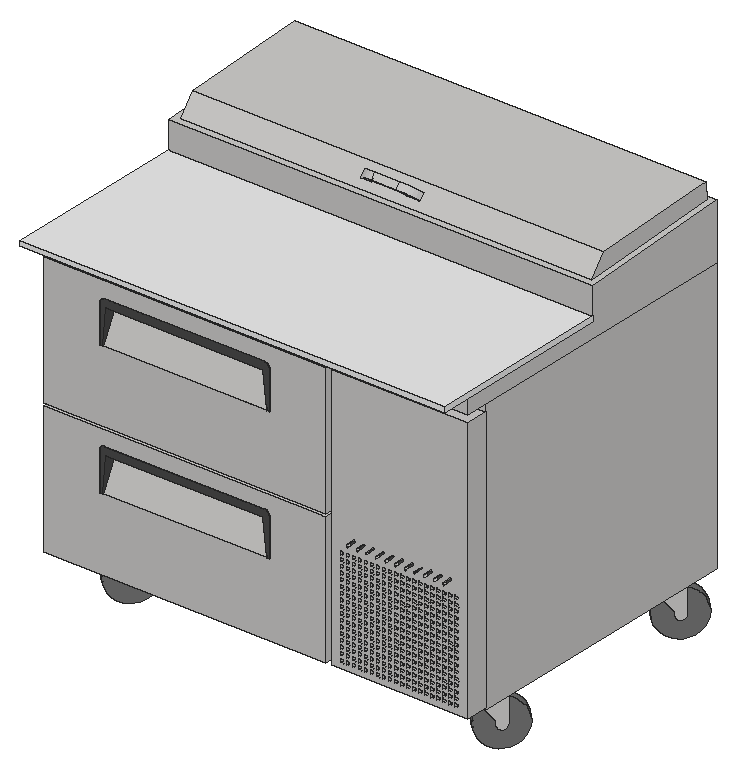
Revit family "QF_Turbo Air_TPR-44SD-D2", category Specialty Equipment, Revit 2012 (continued)
Lines and regions (in)
  symbolic lines
    curve 22: spline (3.21156, -14.60568, 0) -> (3.20728, -14.65462, 0) -> (3.19452, -14.70272, 0) -> (3.1735, -14.74916, 0) -> (3.14457, -14.79314, 0) -> (3.10824, -14.83392, 0) -> (3.06511, -14.87079, 0) -> (3.01594, -14.90313, 0) -> (2.96156, -14.93037, 0) -> (2.9029, -14.95206, 0) -> (2.84097, -14.96783, 0) -> (2.77682, -14.97739, 0) -> (2.71156, -14.9806, 0)
    curve 23: spline (2.46156, -15.16806, 0) -> (2.65246, -15.16066, 0) -> (2.84133, -15.13852, 0) -> (3.02614, -15.10189, 0) -> (3.20492, -15.05115, 0) -> (3.37577, -14.98685, 0) -> (3.53685, -14.90967, 0) -> (3.68645, -14.82044, 0) -> (3.82298, -14.72012, 0) -> (3.94497, -14.60976, 0) -> (4.05112, -14.49055, 0) -> (4.1403, -14.36377, 0) -> (4.21156, -14.23076, 0)
    curve 24: spline (4.21156, -14.72698, 0) -> (4.1403, -14.85999, 0) -> (4.05112, -14.98677, 0) -> (3.94497, -15.10598, 0) -> (3.82298, -15.21633, 0) -> (3.68645, -15.31666, 0) -> (3.53685, -15.40589, 0) -> (3.37577, -15.48306, 0) -> (3.20492, -15.54736, 0) -> (3.02614, -15.5981, 0) -> (2.84133, -15.63473, 0) -> (2.65246, -15.65687, 0) -> (2.46156, -15.66428, 0)
    curve 25: line (-1.31279, -15.28268, 0) -> (-20.10094, -15.28268, 0)
    curve 26: line (-15.28844, 1, 0) -> (-14.03844, 1, 0)
    curve 27: line (16.46156, 1, 0) -> (17.71156, 1, 0)
    curve 28: line (17.71156, 1, 0) -> (17.71156, 0, 0)
    curve 29: line (16.46156, 1, 0) -> (16.46156, 0, 0)
    curve 30: line (-14.03844, 1, 0) -> (-14.03844, 0, 0)
    curve 31: line (-15.28844, 1, 0) -> (-15.28844, 0, 0)
  symbolic lines, style "QF_Surface Details"
    curve 32: line (-18.78844, -14.5625, 0) -> (-13.03844, -14.5625, 0)
    curve 33: line (-12.47594, -14, 0) -> (-12.47594, -2.375, 0)
    curve 34: line (-13.03844, -1.8125, 0) -> (-18.78844, -1.8125, 0)
    curve 35: line (-19.35094, -14, 0) -> (-19.35094, -2.375, 0)
    curve 36: arc (-13.03844, -1.8125, 0) -> (-12.64069, -1.97725, 0) -> (-12.47594, -2.375, 0) r 0.5625
    curve 37: arc (-18.78844, -1.8125, 0) -> (-19.18619, -1.97725, 0) -> (-19.35094, -2.375, 0) r 0.5625
    curve 38: arc (-19.35094, -14, 0) -> (-19.18619, -14.39775, 0) -> (-18.78844, -14.5625, 0) r 0.5625
    curve 39: arc (-12.47594, -14, 0) -> (-12.64069, -14.39775, 0) -> (-13.03844, -14.5625, 0) r 0.5625
    curve 40: line (-13.03844, -12.625, 0) -> (-13.03844, -3.75, 0)
    curve 41: line (-14.41344, -2.375, 0) -> (-17.41344, -2.375, 0)
    curve 42: line (-17.41344, -14, 0) -> (-14.41344, -14, 0)
    curve 43: line (-18.78844, -12.625, 0) -> (-18.78844, -3.75, 0)
    curve 44: arc (-17.41344, -2.375, 0) -> (-18.38571, -2.77773, 0) -> (-18.78844, -3.75, 0) r 1.375
    curve 45: arc (-14.41344, -2.375, 0) -> (-13.44117, -2.77773, 0) -> (-13.03844, -3.75, 0) r 1.375
    curve 46: arc (-13.03844, -12.625, 0) -> (-13.44117, -13.59727, 0) -> (-14.41344, -14, 0) r 1.375
    curve 47: arc (-17.41344, -14, 0) -> (-18.38571, -13.59727, 0) -> (-18.78844, -12.625, 0) r 1.375
    curve 48: line (-11.91344, -14.5625, 0) -> (-6.16344, -14.5625, 0)
    curve 49: line (-5.60094, -14, 0) -> (-5.60094, -2.375, 0)
    curve 50: line (-6.16344, -1.8125, 0) -> (-11.91344, -1.8125, 0)
    curve 51: arc (-6.16344, -1.8125, 0) -> (-5.76569, -1.97725, 0) -> (-5.60094, -2.375, 0) r 0.5625
    curve 52: arc (-11.91344, -1.8125, 0) -> (-12.31119, -1.97725, 0) -> (-12.47594, -2.375, 0) r 0.5625
    curve 53: arc (-5.60094, -14, 0) -> (-5.76569, -14.39775, 0) -> (-6.16344, -14.5625, 0) r 0.5625
    curve 54: line (-6.16344, -12.625, 0) -> (-6.16344, -3.75, 0)
    curve 55: line (-7.53844, -2.375, 0) -> (-10.53844, -2.375, 0)
    curve 56: line (-10.53844, -14, 0) -> (-7.53844, -14, 0)
    curve 57: line (-11.91344, -12.625, 0) -> (-11.91344, -3.75, 0)
    curve 58: arc (-10.53844, -2.375, 0) -> (-11.51071, -2.77773, 0) -> (-11.91344, -3.75, 0) r 1.375
    curve 59: arc (-7.53844, -2.375, 0) -> (-6.56617, -2.77773, 0) -> (-6.16344, -3.75, 0) r 1.375
    curve 60: arc (-6.16344, -12.625, 0) -> (-6.56617, -13.59727, 0) -> (-7.53844, -14, 0) r 1.375
    curve 61: arc (-10.53844, -14, 0) -> (-11.51071, -13.59727, 0) -> (-11.91344, -12.625, 0) r 1.375
    curve 62: line (-5.03844, -14.5625, 0) -> (0.71156, -14.5625, 0)
    curve 63: line (1.27406, -14, 0) -> (1.27406, -2.375, 0)
    curve 64: line (0.71156, -1.8125, 0) -> (-5.03844, -1.8125, 0)
    curve 65: arc (0.71156, -1.8125, 0) -> (1.10931, -1.97725, 0) -> (1.27406, -2.375, 0) r 0.5625
    curve 66: arc (-5.03844, -1.8125, 0) -> (-5.43619, -1.97725, 0) -> (-5.60094, -2.375, 0) r 0.5625
    curve 67: arc (1.27406, -14, 0) -> (1.10931, -14.39775, 0) -> (0.71156, -14.5625, 0) r 0.5625
    curve 68: line (0.71156, -12.625, 0) -> (0.71156, -3.75, 0)
    curve 69: line (-0.66344, -2.375, 0) -> (-3.66344, -2.375, 0)
    curve 70: line (-3.66344, -14, 0) -> (-0.66344, -14, 0)
    curve 71: line (-5.03844, -12.625, 0) -> (-5.03844, -3.75, 0)
    curve 72: arc (-3.66344, -2.375, 0) -> (-4.63571, -2.77773, 0) -> (-5.03844, -3.75, 0) r 1.375
    curve 73: arc (-0.66344, -2.375, 0) -> (0.30883, -2.77773, 0) -> (0.71156, -3.75, 0) r 1.375
    curve 74: arc (0.71156, -12.625, 0) -> (0.30883, -13.59727, 0) -> (-0.66344, -14, 0) r 1.375
    curve 75: arc (-3.66344, -14, 0) -> (-4.63571, -13.59727, 0) -> (-5.03844, -12.625, 0) r 1.375
    curve 76: line (1.83656, -14.5625, 0) -> (7.58656, -14.5625, 0)
    curve 77: line (8.14906, -14, 0) -> (8.14906, -2.375, 0)
    curve 78: line (7.58656, -1.8125, 0) -> (1.83656, -1.8125, 0)
    curve 79: arc (7.58656, -1.8125, 0) -> (7.98431, -1.97725, 0) -> (8.14906, -2.375, 0) r 0.5625
    curve 80: arc (1.83656, -1.8125, 0) -> (1.43881, -1.97725, 0) -> (1.27406, -2.375, 0) r 0.5625
    curve 81: arc (8.14906, -14, 0) -> (7.98431, -14.39775, 0) -> (7.58656, -14.5625, 0) r 0.5625
    curve 82: line (7.58656, -12.625, 0) -> (7.58656, -3.75, 0)
    curve 83: line (6.21156, -2.375, 0) -> (3.21156, -2.375, 0)
    curve 84: line (3.21156, -14, 0) -> (6.21156, -14, 0)
    curve 85: line (1.83656, -12.625, 0) -> (1.83656, -3.75, 0)
    curve 86: arc (3.21156, -2.375, 0) -> (2.23929, -2.77773, 0) -> (1.83656, -3.75, 0) r 1.375
    curve 87: arc (6.21156, -2.375, 0) -> (7.18383, -2.77773, 0) -> (7.58656, -3.75, 0) r 1.375
    curve 88: arc (7.58656, -12.625, 0) -> (7.18383, -13.59727, 0) -> (6.21156, -14, 0) r 1.375
    curve 89: arc (3.21156, -14, 0) -> (2.23929, -13.59727, 0) -> (1.83656, -12.625, 0) r 1.375
    curve 90: line (8.71156, -14.5625, 0) -> (14.46156, -14.5625, 0)
    curve 91: line (15.02406, -14, 0) -> (15.02406, -2.375, 0)
    curve 92: line (14.46156, -1.8125, 0) -> (8.71156, -1.8125, 0)
    curve 93: arc (14.46156, -1.8125, 0) -> (14.85931, -1.97725, 0) -> (15.02406, -2.375, 0) r 0.5625
    curve 94: arc (8.71156, -1.8125, 0) -> (8.31381, -1.97725, 0) -> (8.14906, -2.375, 0) r 0.5625
    curve 95: arc (15.02406, -14, 0) -> (14.85931, -14.39775, 0) -> (14.46156, -14.5625, 0) r 0.5625
    curve 96: line (14.46156, -12.625, 0) -> (14.46156, -3.75, 0)
    curve 97: line (13.08656, -2.375, 0) -> (10.08656, -2.375, 0)
    curve 98: line (10.08656, -14, 0) -> (13.08656, -14, 0)
    curve 99: line (8.71156, -12.625, 0) -> (8.71156, -3.75, 0)
    curve 100: arc (10.08656, -2.375, 0) -> (9.11429, -2.77773, 0) -> (8.71156, -3.75, 0) r 1.375
    curve 101: arc (13.08656, -2.375, 0) -> (14.05883, -2.77773, 0) -> (14.46156, -3.75, 0) r 1.375
    curve 102: arc (14.46156, -12.625, 0) -> (14.05883, -13.59727, 0) -> (13.08656, -14, 0) r 1.375
    curve 103: arc (10.08656, -14, 0) -> (9.11429, -13.59727, 0) -> (8.71156, -12.625, 0) r 1.375
    curve 104: line (15.58656, -14.5625, 0) -> (21.33656, -14.5625, 0)
    curve 105: line (21.89906, -14, 0) -> (21.89906, -2.375, 0)
    curve 106: line (21.33656, -1.8125, 0) -> (15.58656, -1.8125, 0)
    curve 107: arc (21.33656, -1.8125, 0) -> (21.73431, -1.97725, 0) -> (21.89906, -2.375, 0) r 0.5625
    curve 108: arc (15.58656, -1.8125, 0) -> (15.18881, -1.97725, 0) -> (15.02406, -2.375, 0) r 0.5625
    curve 109: arc (21.89906, -14, 0) -> (21.73431, -14.39775, 0) -> (21.33656, -14.5625, 0) r 0.5625
    curve 110: line (21.33656, -12.625, 0) -> (21.33656, -3.75, 0)
    curve 111: line (19.96156, -2.375, 0) -> (16.96156, -2.375, 0)
    curve 112: line (16.96156, -14, 0) -> (19.96156, -14, 0)
    curve 113: line (15.58656, -12.625, 0) -> (15.58656, -3.75, 0)
    curve 114: arc (16.96156, -2.375, 0) -> (15.98929, -2.77773, 0) -> (15.58656, -3.75, 0) r 1.375
    curve 115: arc (19.96156, -2.375, 0) -> (20.93383, -2.77773, 0) -> (21.33656, -3.75, 0) r 1.375
    curve 116: arc (21.33656, -12.625, 0) -> (20.93383, -13.59727, 0) -> (19.96156, -14, 0) r 1.375
    curve 117: arc (16.96156, -14, 0) -> (15.98929, -13.59727, 0) -> (15.58656, -12.625, 0) r 1.375
    curve 118: arc (-12.47594, -14, 0) -> (-12.31119, -14.39775, 0) -> (-11.91344, -14.5625, 0) r 0.5625
    curve 119: arc (-5.60094, -14, 0) -> (-5.43619, -14.39775, 0) -> (-5.03844, -14.5625, 0) r 0.5625
    curve 120: arc (1.27406, -14, 0) -> (1.43881, -14.39775, 0) -> (1.83656, -14.5625, 0) r 0.5625
    curve 121: arc (8.14906, -14, 0) -> (8.31381, -14.39775, 0) -> (8.71156, -14.5625, 0) r 0.5625
    curve 122: arc (15.02406, -14, 0) -> (15.18881, -14.39775, 0) -> (15.58656, -14.5625, 0) r 0.5625
  symbolic lines, style "QF_Clearances", detail levels coarse
    curve 123: line (-20.78844, -35.25, 0) -> (-20.78844, -57.375, 0)
    curve 124: line (-20.78844, -57.375, 0) -> (8.52406, -57.375, 0)
    curve 125: line (8.52406, -57.375, 0) -> (8.52406, -35.25, 0)
Dimensions and locks (in)
  locked: plane 4 "RIGHT" to plane 3 "LEFT" at 44
  locked: plane 6 "FRONT" to plane 1 "BACK" at 35.25
  locked: plane 6 "FRONT" to plane 5 "Front of Door" at 3
  locked: plane 7 "Front of Pans" to plane 1 "BACK" at 16
  locked: plane 8 "Left of Compressor" to plane 4 "RIGHT" at 14.125
  locked: plane 3 "LEFT" to plane 9 "Right of Door" at 29.3125
  "CasterLeg Height": plane 10 "Bottom" to plane 2
  locked: plane 12 "Door Clearance" to plane 11 "TOP" at 11.375
  locked: plane 11 "TOP" to plane 10 "Bottom" at 36
  locked: plane 13 "Work Top" to plane 10 "Bottom" at 30
  locked: plane 13 "Work Top" to plane 14 at 1.5625
  locked: plane 14 to plane 15 "Top of Door" at 0.75
  locked: plane 16 "Bottom of Door" to plane 10 "Bottom" at 0.25
  locked: plane 1 "BACK" to plane 17 "Back Stops" at 1
  locked: plane 5 "Front of Door" to plane 18 "Front of Box" at 2.375
  locked: Extrusion 2 sketch curve to plane 13 "Work Top" at 3.3125
  locked: Extrusion 2 sketch curve to plane 14 at 5.875
  locked: plane 3 "LEFT" to plane 19 "Lid Left" at 0.6875
  locked: plane 20 "Lid Right" to plane 4 "RIGHT" at 0.6875
  locked: plane 11 "TOP" to Extrusion 3 sketch curve at 1.71479
  locked: plane 11 "TOP" to Extrusion 3 sketch curve at 0.8207
  locked: plane 11 "TOP" to Extrusion 3 sketch curve at 2.64267
  locked: plane 7 "Front of Pans" to Extrusion 3 sketch curve at 0.71732
  locked: plane 7 "Front of Pans" to Extrusion 3 sketch curve at 2.32494
  locked: Extrusion 3 sketch curve to plane 1 "BACK" at 0.43665
  locked: Extrusion 3 sketch curve to plane 1 "BACK" at 0.54382
  equal spacing: plane 19 "Lid Left", plane 21 "Handle Center LR", plane 20 "Lid Right"
  locked: plane 11 "TOP" to plane 22 "Handle Elevation" at 1.73169
  locked: plane 23 "Handle Center FB" to plane 1 "BACK" at 14.47887
  locked: plane 21 "Handle Center LR" to Extrusion 4 sketch curve at 2
  locked: Extrusion 4 sketch curve to plane 21 "Handle Center LR" at 2
  locked: plane 21 "Handle Center LR" to Extrusion 4 sketch curve at 3
  locked: Extrusion 4 sketch curve to plane 21 "Handle Center LR" at 3
  locked: plane 21 "Handle Center LR" to Extrusion 4 sketch curve at 1.5
  locked: plane 21 "Handle Center LR" to Extrusion 4 sketch curve at 1.25
  locked: Extrusion 4 sketch curve to plane 21 "Handle Center LR" at 1.5
  locked: Extrusion 4 sketch curve to plane 21 "Handle Center LR" at 1.25
  locked: plane 11 "TOP" to Extrusion 4 at 0.62347
  locked: plane 11 "TOP" to Extrusion 4 at 1.18585
  locked: plane 15 "Top of Door" to Extrusion 5 sketch curve at 1
  locked: Extrusion 5 sketch curve to plane 3 "LEFT" at 1
  locked: Extrusion 5 sketch curve to plane 9 "Right of Door" at 1
  locked: Extrusion 5 sketch curve to plane 16 "Bottom of Door" at 1
  locked: Extrusion 7 sketch curve to plane 8 "Left of Compressor" at 0.5
  locked: Extrusion 7 sketch curve to plane 4 "RIGHT" at 0.5
  locked: Extrusion 7 sketch curve to plane 16 "Bottom of Door" at 0.5
  locked: Extrusion 7 sketch curve to Extrusion 7 sketch curve at 12.5
  locked: Extrusion 8 sketch curve to plane 13 "Work Top" at 0.5
  locked: plane 3 "LEFT" to nested 1 at 2.8125
  locked: nested 1 to plane 1 "BACK" at 3.1875
  locked: plane 3 "LEFT" to nested 2 at 2.8125
  locked: plane 18 "Front of Box" to nested 2 at 3.5
  locked: nested 3 to plane 4 "RIGHT" at 2.8125
  locked: nested 3 to plane 1 "BACK" at 3.1875
  locked: nested 4 to plane 4 "RIGHT" at 2.8125
  locked: plane 18 "Front of Box" to nested 4 at 3.5
  locked: Extrusion 9 sketch curve to plane 3 "LEFT" at 6.125
  locked: plane 4 "RIGHT" to Extrusion 9 sketch curve at 6.125
  locked: plane 14 to Extrusion 9 sketch curve at 4.8125  (x2)
  locked: Extrusion 10 sketch curve to plane 10 "Bottom" at 6.125
  locked: plane 4 "RIGHT" to Extrusion 10 sketch curve at 7.0625
  locked: plane 12 "Door Clearance" to Extrusion 12 at 0.14061
  locked: plane 12 "Door Clearance" to Extrusion 12 at 0.03074
  locked: plane 24 "Drawer Clearance" to plane 1 "BACK" at 57.375
  aligned and locked: level to plane 2
  aligned and locked: plane 10 "Bottom" to Extrusion 1 sketch curve
  aligned and locked: plane 1 "BACK" to Extrusion 1 sketch curve
  aligned and locked: Extrusion 1 sketch curve to plane 14
  aligned and locked: Extrusion 1 sketch curve to plane 18 "Front of Box"
  aligned and locked: plane 4 "RIGHT" to Extrusion 1
  aligned and locked: Extrusion 2 sketch curve to plane 5 "Front of Door"
  aligned and locked: Extrusion 2 sketch curve to plane 13 "Work Top"
  aligned and locked: Extrusion 2 sketch curve to plane 7 "Front of Pans"
  aligned and locked: plane 14 to Extrusion 2 sketch curve
  aligned and locked: Extrusion 2 sketch curve to plane 1 "BACK"
  aligned and locked: plane 4 "RIGHT" to Extrusion 2
  aligned and locked: plane 11 "TOP" to Extrusion 3 sketch curve
  aligned and locked: plane 20 "Lid Right" to Extrusion 3
  aligned and locked: Extrusion 4 to Extrusion 3
  aligned and locked: Extrusion 6 sketch curve to plane 4 "RIGHT"
  aligned and locked: plane 16 "Bottom of Door" to Extrusion 6 sketch curve
  aligned and locked: plane 8 "Left of Compressor" to Extrusion 6 sketch curve
  aligned and locked: Extrusion 6 sketch curve to plane 15 "Top of Door"
  aligned and locked: plane 5 "Front of Door" to Extrusion 6
  aligned and locked: plane 13 "Work Top" to Extrusion 8 sketch curve
  aligned and locked: plane 7 "Front of Pans" to Extrusion 8 sketch curve
  aligned and locked: Extrusion 8 sketch curve to plane 6 "FRONT"
  aligned and locked: plane 4 "RIGHT" to Extrusion 8
  aligned and locked: Extrusion 9 to plane 17 "Back Stops"
  aligned and locked: plane 1 "BACK" to curve 1
  aligned and locked: plane 3 "LEFT" to curve 2
  aligned and locked: curve 3 to plane 6 "FRONT"
  aligned and locked: curve 4 to plane 4 "RIGHT"
  aligned and locked: curve 6 to Extrusion 3
  aligned and locked: curve 7 to Extrusion 3
  aligned and locked: curve 8 to Extrusion 3
  aligned and locked: curve 9 to Extrusion 3
  aligned and locked: curve 10 to Extrusion 4
  aligned and locked: curve 11 to Extrusion 4
  aligned and locked: curve 14 to Extrusion 4
  aligned and locked: curve 15 to Extrusion 4
  aligned and locked: Extrusion 4 to curve 16
  aligned and locked: curve 17 to Extrusion 4
  aligned and locked: curve 19 to Extrusion 4
  aligned and locked: curve 20 to Extrusion 4
  aligned and locked: curve 21 to Extrusion 4
  aligned and locked: curve 26 to Extrusion 9
  aligned and locked: curve 27 to Extrusion 9
  aligned and locked: Extrusion 12 to Extrusion 11  (x2)
  aligned and locked: Extrusion 11 sketch curve to Extrusion 3  (x3)
  aligned and locked: plane 20 "Lid Right" to Extrusion 11
  aligned and locked: plane 15 "Top of Door" to nested 5
  aligned and locked: plane 9 "Right of Door" to nested 5
  aligned and locked: plane 3 "LEFT" to nested 5
  aligned and locked: nested 5 to plane 16 "Bottom of Door"
  aligned and locked: plane 24 "Drawer Clearance" to curve 124
Automatic sketch dimensions
  Extrusion 4 sketch curve to Extrusion 4 sketch curve = 0' - 0"
  Extrusion 4 sketch curve to Extrusion 4 sketch curve = 0' - 0.6"
  Extrusion 4 sketch curve to Extrusion 4 sketch curve = 0' - 0 1/2"
  plane 8 "Left of Compressor" to Extrusion 6 sketch curve = 0' - 0 15/16"  (x4)
  Extrusion 6 sketch curve to Extrusion 6 sketch curve = 0' - 0"  (x255)
  Extrusion 6 sketch curve to Extrusion 6 sketch curve = 0' - 0 3/8"  (x471)
  Extrusion 6 sketch curve to Extrusion 6 sketch curve = 0' - 0 1/4"  (x604)
  Extrusion 6 sketch curve to Extrusion 6 sketch curve = 0' - 0.05806"
  Extrusion 6 sketch curve to Extrusion 6 sketch curve = 0' - 0.08839"  (x66)
  Extrusion 6 sketch curve to Extrusion 6 sketch curve = 0' - 0.70711"
  Extrusion 6 sketch curve to Extrusion 6 sketch curve = 0' - 0.11612"  (x10)
  Extrusion 6 sketch curve to Extrusion 6 sketch curve = 0' - 0.82322"  (x10)
  Extrusion 6 sketch curve to plane 20 "Lid Right" = 0' - 0 1/4"  (x8)
  plane 16 "Bottom of Door" to Extrusion 6 sketch curve = 0' - 0 5/8"  (x19)
  Extrusion 6 sketch curve to Extrusion 6 sketch curve = 0' - 0.55806"  (x11)
  Extrusion 6 sketch curve to Extrusion 6 sketch curve = 0' - 0.53033"  (x10)
  Extrusion 11 sketch curve to Extrusion 11 sketch curve = 0' - 11.7419"
  Extrusion 11 sketch curve to Extrusion 11 sketch curve = 0' - 1.60762"
  Extrusion 11 sketch curve to Extrusion 11 sketch curve = 0' - 0.65246"
  Extrusion 11 sketch curve to Extrusion 11 sketch curve = 0' - 1.37584"
  Extrusion 11 sketch curve to Extrusion 11 sketch curve = 0' - 1.38934"
  Extrusion 11 sketch curve to Extrusion 11 sketch curve = 0' - 0.12067"
  Extrusion 11 sketch curve to Extrusion 11 sketch curve = 0' - 9.68784"
  Extrusion 11 sketch curve to Extrusion 11 sketch curve = 0' - 1.82196"
  Extrusion 12 sketch curve to plane 21 "Handle Center LR" = 0' - 3"
  Extrusion 12 sketch curve to Extrusion 12 sketch curve = 0' - 1"  (x2)
  Extrusion 12 sketch curve to Extrusion 12 sketch curve = 0' - 0 1/2"  (x3)
  Extrusion 12 sketch curve to Extrusion 12 sketch curve = 0' - 0 3/4"
  plane 21 "Handle Center LR" to Extrusion 12 sketch curve = 0' - 1 1/4"
  Extrusion 12 sketch curve to Extrusion 12 sketch curve = 0' - 0 1/4"
  Extrusion 12 sketch curve to Extrusion 12 sketch curve = 0' - 0"
  Extrusion 12 sketch curve to Extrusion 12 sketch curve = 0' - 0.6"
  curve 125 to plane 9 "Right of Door" = 0' - 0"
  plane 7 "Front of Pans" to curve 5 = 0' - 0"
  curve 38 to plane 23 "Handle Center FB" = 0' - 0.47887"
  plane 19 "Lid Left" to curve 38 = 0' - 0 3/4"
  curve 37 to curve 34 = 0' - 0 9/16"
  plane 23 "Handle Center FB" to curve 32 = 0' - 0.08363"
  plane 19 "Lid Left" to curve 44 = 0' - 1 5/16"
  curve 43 to curve 44 = 0' - 1 3/8"
  curve 47 to plane 23 "Handle Center FB" = 0' - 0.47887"
  curve 38 to curve 47 = 0' - 1 3/8"
  curve 44 to curve 31 = 0' - 2 1/8"
  curve 31 to curve 41 = 0' - 0 7/8"
  curve 47 to curve 42 = 0' - 3"
  curve 26 to curve 26 = 0' - 1 1/4"
  curve 46 to curve 32 = 0' - 1 3/8"
  curve 46 to curve 46 = 0' - 1 3/8"
  curve 41 to curve 36 = 0' - 1 3/8"
  curve 33 to plane 23 "Handle Center FB" = 0' - 0.47887"
  curve 40 to curve 57 = 0' - 1 1/8"
  plane 23 "Handle Center FB" to curve 48 = 0' - 0.08363"
  curve 33 to curve 50 = 0' - 0 9/16"
  curve 61 to curve 61 = 0' - 1 3/8"
  curve 52 to curve 58 = 0' - 1 3/8"
  curve 58 to curve 59 = 0' - 3"
  curve 60 to plane 23 "Handle Center FB" = 0' - 1.85387"
  curve 61 to curve 60 = 0' - 3"
  curve 60 to curve 54 = 0' - 1 3/8"
  curve 55 to curve 50 = 0' - 1 3/8"
  curve 53 to plane 23 "Handle Center FB" = 0' - 0.47887"
  curve 56 to curve 53 = 0' - 1 3/8"
  curve 49 to curve 66 = 0' - 0 9/16"
  plane 23 "Handle Center FB" to curve 62 = 0' - 0.08363"
  curve 59 to curve 71 = 0' - 1 1/8"
  curve 66 to curve 69 = 0' - 1 3/8"
  curve 70 to plane 23 "Handle Center FB" = 0' - 0.47887"
  curve 119 to curve 70 = 0' - 1 3/8"
  curve 12 to curve 25 = 0' - 0.47565"
  curve 14 to curve 74 = 0' - 0 1/8"
  curve 69 to plane 21 "Handle Center LR" = 0' - 1 7/8"
  curve 18 to curve 18 = 0' - 0 1/2"
  curve 18 to curve 11 = 0' - 0 1/4"
  curve 10 to curve 11 = 0' - 0"
  curve 74 to plane 21 "Handle Center LR" = 0' - 0 1/2"
  curve 62 to plane 21 "Handle Center LR" = 0' - 0 1/2"
  curve 64 to plane 21 "Handle Center LR" = 0' - 0 1/2"
  plane 21 "Handle Center LR" to curve 67 = 0' - 0 1/16"
  curve 63 to curve 13 = 0' - 0.5375"
  curve 12 to plane 23 "Handle Center FB" = 0' - 0.20179"
  curve 12 to curve 13 = 0' - 0"
  curve 63 to curve 80 = 0' - 0 9/16"
  plane 21 "Handle Center LR" to curve 86 = 0' - 0 5/8"
  plane 23 "Handle Center FB" to curve 120 = 0' - 0.08363"
  curve 76 to curve 11 = 0' - 0 5/8"
  curve 10 to curve 23 = 0' - 0"
  plane 23 "Handle Center FB" to curve 22 = 0' - 0.12681"
  curve 24 to curve 22 = 0' - 0 1/4"
  curve 80 to curve 83 = 0' - 1 3/8"
  curve 84 to curve 19 = 0' - 0"
  curve 8 to curve 20 = 0' - 0.47565"
  curve 19 to curve 23 = 0' - 0.1"
  curve 23 to curve 24 = 0' - 0.1"
  curve 84 to plane 23 "Handle Center FB" = 0' - 0.47887"
  curve 23 to curve 84 = 0' - 1.9"
  curve 87 to plane 9 "Right of Door" = 0' - 2 5/16"
  curve 82 to plane 9 "Right of Door" = 0' - 0 15/16"
  curve 81 to plane 9 "Right of Door" = 0' - 0 15/16"
  curve 79 to plane 9 "Right of Door" = 0' - 0 15/16"
  curve 79 to plane 9 "Right of Door" = 0' - 0 3/8"
  plane 23 "Handle Center FB" to curve 90 = 0' - 0.08363"
  plane 9 "Right of Door" to curve 92 = 0' - 0 3/16"
  plane 9 "Right of Door" to curve 103 = 0' - 0 3/16"
  plane 8 "Left of Compressor" to curve 100 = 0' - 1"
  curve 98 to plane 23 "Handle Center FB" = 0' - 0.47887"
  plane 8 "Left of Compressor" to curve 98 = 0' - 1"
  curve 100 to curve 101 = 0' - 3"
  curve 103 to curve 98 = 0' - 3"
  curve 101 to curve 96 = 0' - 1 3/8"
  curve 102 to curve 95 = 0' - 1 3/8"
  curve 97 to curve 92 = 0' - 1 3/8"
  curve 122 to plane 23 "Handle Center FB" = 0' - 0.47887"
  curve 93 to curve 106 = 0' - 0 9/16"
  curve 96 to curve 113 = 0' - 1 1/8"
  plane 23 "Handle Center FB" to curve 122 = 0' - 0.08363"
  curve 108 to curve 29 = 0' - 0 7/8"
  curve 112 to plane 23 "Handle Center FB" = 0' - 0.47887"
  curve 122 to curve 112 = 0' - 1 3/8"
  curve 108 to curve 114 = 0' - 1 3/8"
  curve 29 to curve 28 = 0' - 1 1/4"
  curve 115 to plane 20 "Lid Right" = 0' - 2 9/16"
  curve 116 to plane 20 "Lid Right" = 0' - 2 9/16"
  curve 110 to plane 20 "Lid Right" = 0' - 1 3/16"
  curve 107 to plane 20 "Lid Right" = 0' - 1 3/16"
  curve 104 to plane 20 "Lid Right" = 0' - 1 3/16"
  curve 105 to plane 23 "Handle Center FB" = 0' - 0.47887"
  plane 23 "Handle Center FB" to curve 16 = 0' - 0.12681"
  plane 1 "BACK" to curve 73 = 0' - 3 3/4"
  plane 1 "BACK" to curve 96 = 0' - 3 3/4"
  curve 96 to curve 114 = 0' - 0"
  plane 1 "BACK" to curve 40 = 0' - 3 3/4"
  curve 54 to curve 72 = 0' - 0"
  curve 82 to curve 100 = 0' - 0"
  curve 68 to curve 80 = 0' - 1 3/8"
  radius of Extrusion 9 sketch curve = 0' - 0 5/8"  (x2)
  radius of Extrusion 10 sketch curve = 0' - 0 1/4"
Nested families (in)
  nested 1: "FESCasterLeg" at (-17.97594, -3.1875, 0), Legs <- "Legs", Casters <- "Casters", Height <- "CasterLeg Height", type "FESCasterLeg"
    with Legs no, Height 0' - 5 7/8", Casters yes, Caster Radius 0' - 2 7/16"
  nested 2: "FESCasterLeg" at (-17.97594, -26.375, 0), Legs <- "Legs", Casters <- "Casters", Height <- "CasterLeg Height", type "FESCasterLeg"
    with Legs no, Height 0' - 5 7/8", Casters yes, Caster Radius 0' - 2 7/16"
  nested 3: "FESCasterLeg" at (20.39906, -3.1875, 0), Legs <- "Legs", Casters <- "Casters", Height <- "CasterLeg Height", type "FESCasterLeg"
    with Legs no, Height 0' - 5 7/8", Casters yes, Caster Radius 0' - 2 7/16"
  nested 4: "FESCasterLeg" at (20.39906, -26.375, 0), Legs <- "Legs", Casters <- "Casters", Height <- "CasterLeg Height", type "FESCasterLeg"
    with Legs no, Height 0' - 5 7/8", Casters yes, Caster Radius 0' - 2 7/16"
  nested 5: "QF_Turbo Air_TBL_Drawer" at (-5.61177, -30.4375, 6.125), type "QF_Turbo Air_TBL_Drawer"
    with Width 2' - 5 5/16", Symbolic Lines no, Height 2' - 3 7/16", Depth 0' - 1 13/16"
Connectors (in)
  electrical at (16.14906, 0.0625, 12), driven by "Number of Poles", driven by "Volts", driven by "Apparent Power"
    settings: on Extrusion 10, index 1, voltage 115 V, apparent load 724.5 VA, apparent load phase1 0 VA, apparent load phase2 0 VA, apparent load phase3 0 VA, power factor 1, load classification "Other", number of poles 1, system type 30, power factor state 1, is connector primary yes, connector utility no, sub classification motor no, connector description "Electric"
Definition of nested family "FESCasterLeg"
  Parameters (values of type "FESCasterLeg")
    Watermarked By = "http://revitwatermark.com"
    Type Comments = "⍁⍉⌁⌀⏭⎽⌇⍠⌜⍉⎖⌥⌦⌯⍭⏊⍻⍿⍊⏵⍊⏗⏠⍴⎡⌈⎀⍠⌓⌤⏘⎐⍀⌐⏬⏁⎈⏍⏦⎒⏬⌝⍩⍇⌣〈⎫〉⎁⏊⍥⍖⍥⍝⍦⌖⍀⏌⏭⎝⎼⏷⏞⍻⏯⎽⏷⏞⍻⏯⎽⏷⎺⌻⎝⍎⌧⏷⏟⏿⌿⍜⍦⍤⌁⍬⏶⏎⍊⏚⏉⎞⌡⎀⎪⏈⌟⌿⍾⍼⌟⌿⌢⌞⏜⏝⎽⍷⍷⍯⍧⍷⌯⍽⏸⏨⏾⏎⌣⏺⍹⏼⏅⎏⌽⎫⎪⍙⎓⏗⎗⏅⌴⍏⍏⍿⏑⎺⍘⌭⏲⍥⎛⎾⎾⍞⍌⎪⎲⌙⎥⏏⎟⎟⏼⏘⎏⎝⏧⏍⏁⍏⍧⏯⏾⌟"
    Legs [instance] = yes
    Height [instance] = 0' - 6"
    Caster Radius [instance] = if(Height < 0' 3", 0' 1", (Height / 2) - 0' 0 1/2")  # 0' - 2 1/2"
    Casters [instance] = yes
    Assembly Code = ""
  Reference planes (in)
    plane 1 "Center (Front/Back)": y = 0
    plane 2: z = 0
    plane 3 "Center (Left/Right)": x = 0
    plane 4: z = 6
    plane 5: z = 5.5
  Forms (in)
    Extrusion 1, solid, material "QF_Finishes_Stainless Steel", visible <- "Casters"
      sketch origin (-24.12131, -22.88887, 10.18833) x (0.707107, 0.707107, 0) y (0, 0, 1)
        loop
          line (34.98772, -7.68833) -> (34.98772, -4.93833) -> (34.48772, -4.93833) -> (34.39402, -4.68833) -> (32.39402, -4.68833) -> (32.39402, -5.43833) -> (33.98772, -7.34206) -> (33.98772, -7.68833)
          arc (33.98772, -7.68833) -> (34.48772, -8.18833) -> (34.98772, -7.68833) r 0.5
      from 0 to 1.75
    Extrusion 2, solid, material "QF_Finishes_Rubber Black", visible <- "Casters"
      sketch origin (-24.32327, -23.09083, 13.31461) x (0.707107, 0.707107, 0) y (0, 0, 1)
        loop
          circle (34.77334, -10.81461) r 2.5
      from 0.375 to 1.375
    Extrusion 3, solid, material "QF_Finishes_Stainless Steel", visible <- "Casters"
      sketch origin (-7.24148, -8.48391, 0) x (0.707107, 0.707107, 0) y (0, 0, 1)
        loop
          line (10.61603, 5.5) -> (11.61603, 5.5) -> (11.61603, 6) -> (10.61603, 6) -> (10.61603, 5.5)
      from 0 to -1.75
    Blend 4, solid, material "QF_Finishes_Stainless Steel", visible <- "Legs"
      base sketch origin (0, 0, 0) x (1, 0, 0) y (0, 1, 0)
        loop
          circle (0, 0) r 0.5
      top sketch origin (0, 0, 0) x (1, 0, 0) y (0, 1, 0)
        loop
          circle (0, 0) r 1
      from 0 to 6 <- "Height"
  Lines and regions (in)
    symbolic lines, style "QF_Hidden Details", visible <- "Casters", built-in parameter 1006206 <- "Casters"
      curve 1: line (-1.26158, -0.51911, 0) -> (1.39007, 2.13254, 0)
      curve 2: line (-0.53429, -1.24639, 0) -> (2.11736, 1.40526, 0)
    symbolic lines, style "QF_Hidden Details", built-in parameter 1006206 <- "Casters", visible <- "Casters"
      curve 3: line (-1.26158, -0.51911, 0) -> (1.39007, 2.13254, 0)
      curve 4: line (-0.53429, -1.24639, 0) -> (2.11736, 1.40526, 0)
  Dimensions and locks (in)
    locked: plane 4 to plane 5 at 0.5
    "Height": plane 4 to level
    "Caster Radius": Extrusion 2 sketch curve to level
    "Caster Radius": Extrusion 1 sketch curve to level
    "Caster Radius": radius of Extrusion 2 sketch curve
    aligned and locked: plane 2 to level
    aligned: Blend 4 to Extrusion 3
    aligned and locked: plane 4 to Blend 4
    aligned and locked: Extrusion 3 to plane 5
    aligned and locked: plane 4 to Extrusion 3
    aligned and locked: plane 5 to Extrusion 1
  Automatic sketch dimensions
    plane 1 "Center (Front/Back)" to curve 3 = 0' - 0.51911"
    curve 3 to plane 3 "Center (Left/Right)" = 0' - 1.26158"
    plane 1 "Center (Front/Back)" to curve 1 = 0' - 0.51911"
    curve 1 to curve 3 = 0' - 0"  (x3)
    curve 4 to plane 3 "Center (Left/Right)" = 0' - 0.53429"
    curve 2 to curve 4 = 0' - 0"  (x2)
    plane 3 "Center (Left/Right)" to curve 3 = 0' - 1.39007"
    curve 1 to curve 4 = 0' - 0.72729"
    curve 2 to curve 1 = 0' - 0.72729"
    curve 4 to curve 2 = 0' - 0"  (x2)
    curve 2 to plane 1 "Center (Front/Back)" = 0' - 1.40526"
    curve 2 to curve 3 = 0' - 0.72729"
    plane 5 to Extrusion 1 sketch curve = 0' - 0"
    Extrusion 1 sketch curve to Extrusion 1 sketch curve = 0' - 1.5937"
    Extrusion 1 sketch curve to Extrusion 1 sketch curve = 0' - 2"
    Extrusion 1 sketch curve to Extrusion 1 sketch curve = 0' - 0.0937"
    Extrusion 1 sketch curve to Extrusion 1 sketch curve = 0' - 0 1/2"
    Extrusion 1 sketch curve to Extrusion 1 sketch curve = 0' - 0.34627"
    Extrusion 1 sketch curve to plane 5 = 0' - 0 3/4"
    Extrusion 1 sketch curve to plane 5 = 0' - 0 1/4"
    Extrusion 3 sketch curve to plane 5 = 0' - 0"
    plane 4 to Extrusion 3 sketch curve = 0' - 0"
    Extrusion 3 sketch curve to Extrusion 3 sketch curve = 0' - 1"
    plane 1 "Center (Front/Back)" to Blend 4 sketch curve = 0' - 0"  (x2)
    Blend 4 sketch curve to plane 3 "Center (Left/Right)" = 0' - 0"  (x2)
    radius of Blend 4 sketch curve = 0' - 0 1/2"
    radius of Blend 4 sketch curve = 0' - 1"
Definition of nested family "QF_Turbo Air_TBL_Drawer"
  Parameters (values of type "QF_Turbo Air_TBL_Drawer")
    Width [instance] = 2' - 5 5/16"
    Watermarked By = "http://revitwatermark.com"
    Symbolic Lines [instance] = yes
    Manufacturer = "Turbo Air"  # constant formula
    Height [instance] = 2' - 3 7/16"
    Depth [instance] = 0' - 1 13/16"
  Reference planes (in)
    plane 1 "BACK": y = 0
    plane 2: z = 0
    plane 3 "LEFT": x = -15.17667
    plane 4: x = 14.13583
    plane 5 "FRONT": y = -1.8125
    plane 6: z = 27.4375
    plane 7 "Handle Center": x = -0.52042
    plane 8 "Door Center": z = 13.71875
  Forms (in)
    Extrusion 1, solid, material "QF_Finishes_Black"
      sketch origin (-31.11417, 0, 15.01083) x (0, 0, -1) y (1, 0, 0)
        loop
          arc (-10.23917, 39.40625) -> (-10.63691, 39.2415) -> (-10.80167, 38.84375) r 0.5625
          line (-10.80167, 38.84375) -> (-10.80167, 22.34375)
          arc (-10.80167, 22.34375) -> (-10.63691, 21.946) -> (-10.23917, 21.78125) r 0.5625
          line (-10.23917, 21.78125) -> (-6.30167, 21.78125) -> (-6.30167, 22.125) -> (-9.98917, 22.44761) -> (-9.98917, 38.73989) -> (-6.30167, 39.0625) -> (-6.30167, 39.40625) -> (-10.23917, 39.40625)
        loop
          line (7.41708, 21.78125) -> (7.41708, 22.125) -> (3.72958, 22.44761) -> (3.72958, 38.73989) -> (7.41708, 39.0625) -> (7.41708, 39.40625) -> (3.47958, 39.40625)
          arc (3.47958, 39.40625) -> (3.08184, 39.2415) -> (2.91708, 38.84375) r 0.5625
          line (2.91708, 38.84375) -> (2.91708, 22.34375)
          arc (2.91708, 22.34375) -> (3.08184, 21.946) -> (3.47958, 21.78125) r 0.5625
          line (3.47958, 21.78125) -> (7.41708, 21.78125)
      from 0 to 1.8125
    Extrusion 2, solid, material "QF_Finishes_Stainless Steel"
      sketch origin (-9.36417, 0, 15.01083) x (0, 1, 0) y (0, 0, 1)
        loop
          line (-1.8125, 6.30167) -> (0, 6.30167) -> (0, 9.98917) -> (-0.47036, 9.98917) -> (-1.8125, 6.30167)
        loop
          line (-1.8125, -7.41708) -> (0, -7.41708) -> (0, -3.72958) -> (-0.47036, -3.72958) -> (-1.8125, -7.41708)
      from 0.375 to 17.3125
    Extrusion 3, solid, material "QF_Finishes_Stainless Steel"
      sketch origin (0, 0, 0) x (1, 0, 0) y (0, 0, 1)
        loop
          line (-15.17667, 27.4375) -> (-15.17667, 13.84375) -> (14.13583, 13.84375) -> (14.13583, 27.4375) -> (-15.17667, 27.4375)
        loop
          line (-15.17667, 0) -> (14.13583, 0) -> (14.13583, 13.59375) -> (-15.17667, 13.59375) -> (-15.17667, 0)
        loop
          arc (-8.77042, 25.8125) -> (-9.16816, 25.64775) -> (-9.33292, 25.25) r 0.5625
          line (-9.33292, 25.25) -> (-9.33292, 21.3125) -> (8.29208, 21.3125) -> (8.29208, 25.25)
          arc (8.29208, 25.25) -> (8.12733, 25.64775) -> (7.72958, 25.8125) r 0.5625
          line (7.72958, 25.8125) -> (-8.77042, 25.8125)
        loop
          arc (-8.77042, 12.09375) -> (-9.16816, 11.929) -> (-9.33292, 11.53125) r 0.5625
          line (-9.33292, 11.53125) -> (-9.33292, 7.59375) -> (8.29208, 7.59375) -> (8.29208, 11.53125)
          arc (8.29208, 11.53125) -> (8.12733, 11.929) -> (7.72958, 12.09375) r 0.5625
          line (7.72958, 12.09375) -> (-8.77042, 12.09375)
      from 0 to 1.8125
  Lines and regions (in)
    symbolic lines, visible <- "Symbolic Lines"
      curve 1: line (-15.17667, 0, 25.96875) -> (14.13583, 0, 25.96875)
      curve 2: line (-15.17667, -1.8125, 25.96875) -> (-15.17667, 0, 25.96875)
      curve 3: line (14.13583, -1.8125, 25.96875) -> (-15.17667, -1.8125, 25.96875)
      curve 4: line (14.13583, 0, 25.96875) -> (14.13583, -1.8125, 25.96875)
  Dimensions and locks (in)
    "Width": plane 4 to plane 3 "LEFT"
    "Depth": plane 5 "FRONT" to plane 1 "BACK"
    "Height": plane 6 to plane 2
    locked: Extrusion 3 sketch curve to Extrusion 3 sketch curve at 4.5  (x2)
    locked: plane 6 to Extrusion 3 sketch curve at 1.625
    locked: plane 6 to Extrusion 1 sketch curve at 1.625
    locked: Extrusion 1 sketch curve to Extrusion 1 sketch curve at 0.8125  (x2)
    locked: Extrusion 1 sketch curve to Extrusion 1 sketch curve at 4.5  (x4)
    locked: Extrusion 1 sketch curve to Extrusion 1 sketch curve at 0.66636  (x4)
    locked: plane 6 to Extrusion 2 sketch curve at 2.4375
    locked: Extrusion 2 sketch curve to Extrusion 2 sketch curve at 3.6875  (x2)
    locked: Extrusion 2 sketch curve to plane 5 "FRONT" at 1.34214  (x2)
    equal spacing: plane 3 "LEFT", plane 7 "Handle Center", plane 4
    equal spacing: plane 6, plane 8 "Door Center", level
    Extrusion 3 sketch curve to plane 8 "Door Center" to Extrusion 3 sketch curve = 0' - 0 1/8" locked, 0' - 0 1/8" locked
    Extrusion 3 sketch curve to plane 7 "Handle Center" to Extrusion 3 sketch curve = 0' - 8 13/16" locked, 0' - 8 13/16" locked  (x2)
    locked: plane 8 "Door Center" to Extrusion 3 sketch curve at 1.625
    Extrusion 1 sketch curve to plane 7 "Handle Center" to Extrusion 1 sketch curve = 0' - 8 13/16" locked, 0' - 8 13/16" locked  (x2)
    Extrusion 2 to plane 7 "Handle Center" to Extrusion 2 = 0' - 8 15/32" locked, 0' - 8 15/32" locked
    locked: plane 8 "Door Center" to Extrusion 1 sketch curve at 1.625
    locked: plane 8 "Door Center" to Extrusion 2 sketch curve at 2.4375
    aligned and locked: level to plane 2
    aligned and locked: Extrusion 3 sketch curve to plane 6
    aligned and locked: plane 3 "LEFT" to Extrusion 3 sketch curve  (x2)
    aligned and locked: level to Extrusion 3 sketch curve
    aligned and locked: Extrusion 3 sketch curve to plane 4  (x2)
    aligned and locked: plane 5 "FRONT" to Extrusion 3
    aligned and locked: Extrusion 2 sketch curve to plane 1 "BACK"  (x2)
    aligned and locked: plane 1 "BACK" to curve 1
    aligned and locked: plane 3 "LEFT" to curve 2
    aligned and locked: curve 3 to plane 5 "FRONT"
    aligned and locked: curve 4 to plane 4
  Automatic sketch dimensions
    Extrusion 1 sketch curve to Extrusion 1 sketch curve = 0' - 0 1/4"  (x4)
    Extrusion 1 sketch curve to Extrusion 1 sketch curve = 0' - 0 11/32"  (x4)
    Extrusion 2 sketch curve to plane 5 "FRONT" = 0' - 0"  (x2)
    Extrusion 3 sketch curve to Extrusion 3 sketch curve = 0' - 0 9/16"  (x4)
